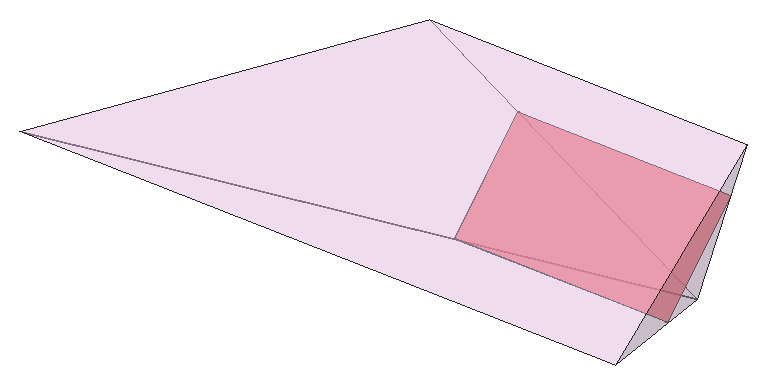
Revit family "Camera-Security-Panasonic-Super_Dynamic_FullHD-Weather_Resistant-PTZ-Dome-Network-SW598ASeries", category Security Devices, host Face, Revit 2013
Parameters (values of type "Camera-Security-Panasonic-ViewVolumePTYZ")
  z Yaw Actual [instance] = if(Yaw < 0.00°, 360.00° - (abs(Yaw) - rounddown(abs(Yaw) / 360.00°) * 360.00°), Yaw - rounddown(Yaw / 360.00°) * 360.00°)  # 0.00°
  z Void Width [instance] = if(z Screen Width > z Screen Height, z Screen Width, z Screen Height) + abs(Viewpoint Origin Horizontal Offset) + z Void Thickness * 2  # 52447.005 mm
  z Void Thickness [instance] = z Screen Depth * 2 + abs(Base Height Offset)  # 20450 mm
  z Void Height Start [instance] = -z Void Width / 2  # -26223.503 mm
  z Void Height End [instance] = z Void Width / 2  # 26223.503 mm
  z Void Direction [instance] = if((if(On Wall, 1, 0) + if(On Floor, 1, 0) + if(On Ceiling, 1, 0)) = 1, if(On Ceiling, 0, if(On Wall, 1, 2)), On Default Mount Type)  # 0
  z Viewpoint Depth [instance] = if(Viewpoint Depth < 1 mm, 1 mm, Viewpoint Depth)  # 150 mm
  z Tilt Actual [instance] = if(Tilt < 0.00°, 360.00° - (abs(Tilt) - rounddown(abs(Tilt) / 360.00°) * 360.00°), Tilt - rounddown(Tilt / 360.00°) * 360.00°)  # 45.00°
  z Target Visible [instance] = not(Screen Depth < Target Depth)  # yes
  z Target Thickness Start = -z Target Thickness / 2  # -1 mm
  z Target Thickness End = z Target Thickness / 2  # 1 mm
  z Target Depth [instance] = Target Depth + Viewpoint Depth  # 2150 mm
  z Pan Actual [instance] = if(Pan < 0.00°, 360.00° - (abs(Pan) - rounddown(abs(Pan) / 360.00°) * 360.00°), Pan - rounddown(Pan / 360.00°) * 360.00°)  # 0.00°
  z Floor Distance [instance] = if(z Void Direction = 2, if(Floor Distance < 0 mm, 0 mm, Floor Distance), if(Floor Distance < 10 mm, 10 mm, Floor Distance))  # 3000 mm
  z Const Yaw Base2 Length = 440 mm  # constant formula
  z Const Tilt Base2 Length = 500 mm  # constant formula
  z Ceiling Distance [instance] = if(z Void Direction = 2, if(Ceiling Distance < 10 mm, 10 mm, Ceiling Distance), if(Ceiling Distance < 0 mm, 0 mm, Ceiling Distance))  # 0 mm
  z Const Void Handle Length = 600 mm  # constant formula
  z Void Angle [instance] = if(z Void Direction = 0, 0.00° + Base Angle Offset, if(z Void Direction = 1, 90.00° + Base Angle Offset, 180.00° + Base Angle Offset))  # 0.00°
  z Screen Depth [instance] = if(Screen Depth < 100 mm, 100 mm + Viewpoint Depth, Screen Depth + Viewpoint Depth)  # 10150 mm
  Original Creation Date = "September, 15, 2016"  # constant formula
  On Default Mount Type [instance] = 0
  Manufacturer = "Panasonic"  # constant formula
  Family Version = "1.0.1"  # constant formula
  Date Last Modified = "February, 15, 2017"  # constant formula
  Copyright = "Copyright © Panasonic"  # constant formula
  Base Height Offset [instance] = 150 mm
  Base Angle Offset [instance] = 0.00°
  z Viewpoint Width = 1 mm  # constant formula
  z Viewpoint Height = 1 mm  # constant formula
  VFOV [instance] = 33.75°
  z Target Width [instance] = Target Depth * tan(HFOV / 2) * 2  # 2309.401 mm
  z Target Thickness = 2 mm  # constant formula
  z Target Height [instance] = Target Depth * tan(VFOV / 2) * 2  # 1213.387 mm
  Target Depth [instance] = 2000 mm
  z Screen Width [instance] = (z Screen Depth - Viewpoint Depth) * tan(HFOV / 2) * 2  # 11547.005 mm
  z Screen Height [instance] = (z Screen Depth - Viewpoint Depth) * tan(VFOV / 2) * 2  # 6066.934 mm
  Screen Depth [instance] = 10000 mm
  z Const Yaw Handle Length = 235 mm  # constant formula
  z Const Yaw Base Length = 260 mm  # constant formula
  Viewpoint Depth [instance] = 150 mm
  Viewpoint Origin Horizontal Offset [instance] = 0 mm
  z Const Tilt Handle Length = 360 mm  # constant formula
  z Const Tilt Base Length = 250 mm  # constant formula
  z Const Pan Handle Length = 500 mm  # constant formula
  z Const Pan Axis Length = 400 mm  # constant formula
  On Wall [instance] = no
  On Floor [instance] = no
  On Ceiling [instance] = yes
  HFOV [instance] = 60.00°
  Yaw [instance] = 0.00°
  Tilt [instance] = 45.00°
  Pan [instance] = 0.00°
  Floor Distance [instance] = 3000 mm
  Ceiling Distance [instance] = 0 mm
Reference planes
  plane 1 "Center (Front/Back)": y = 0
  plane 2: z = 0
  plane 3 "Center (Left/Right)": x = 0
  plane 4 "VoidOffsetBase": z = -150
Forms (mm)
  Extrusion 1, void
    sketch origin (0, 0, -150) x (0, 0, 1) y (0, -1, 0)
      loop
        line (23450, 26223.503) -> (3000, 26223.503) -> (3000, -26223.503) -> (23450, -26223.503) -> (23450, 26223.503)
      loop
        line (0, 26223.503) -> (-20450, 26223.503) -> (-20450, -26223.503) -> (0, -26223.503) -> (0, 26223.503)
    from -26223.503 <- "z Void Height Start" to 26223.503 <- "z Void Height End"
  Blend 2, solid, material "Panasonic - ViewVolume"
    base sketch origin (0, -106.066, 106.066) x (0, 0.707107, 0.707107) y (-1, 0, 0)
      loop
        line (-0.5, -0.5) -> (0.5, -0.5) -> (0.5, 0.5) -> (-0.5, 0.5) -> (-0.5, -0.5)
    top sketch origin (0, -7177.134, 7177.134) x (0, 0.707107, 0.707107) y (-1, 0, 0)
      loop
        line (-3033.467, -5773.503) -> (3033.467, -5773.503) -> (3033.467, 5773.503) -> (-3033.467, 5773.503) -> (-3033.467, -5773.503)
    from 0 to 0
  Extrusion 3, solid, material "Panasonic - Target", visible <- "z Target Visible"
    sketch origin (0, -1520.28, 1520.28) x (0, 0.707107, 0.707107) y (-1, 0, 0)
      loop
        line (-606.693, -1154.701) -> (606.693, -1154.701) -> (606.693, 1154.701) -> (-606.693, 1154.701) -> (-606.693, -1154.701)
    from -1 <- "z Target Thickness Start" to 1 <- "z Target Thickness End"
Cuts and joins
  Extrusion 1 cuts Blend 2
  Extrusion 1 cuts Extrusion 3
Lines and regions (mm)
  reference lines
    curve 1: line (0, 0, 0) -> (500, 0, 0)
    curve 2: line (0, 0, -400) -> (0, 0, 0)
    curve 3: line (0, 0, 0) -> (0, -250, 0)
    curve 4: line (0, 0, 0) -> (0, 0, 500)
    curve 5: line (0, -254.558, 254.558) -> (0, 0, 0)
    curve 6: line (0, 0, 0) -> (0, 183.848, 183.848)
    curve 7: line (0, 0, 0) -> (-440, 0, 0)
    curve 8: line (0, 0, 0) -> (-235, 0, 0)
    curve 9: line (0, -106.066, 106.066) -> (0, 0, 0)
    curve 10: line (0, 0, 0) -> (0, -1520.28, 1520.28)
    curve 11: line (0, 0, 0) -> (0, -7177.134, 7177.134)
    curve 12: line (-0.5, -105.712, 106.42) -> (0.5, -105.712, 106.42)
    curve 13: line (-0.5, -106.42, 105.712) -> (0.5, -106.42, 105.712)
    curve 14: line (-0.5, -105.712, 106.42) -> (-0.5, -106.42, 105.712)
    curve 15: line (0.5, -105.712, 106.42) -> (0.5, -106.42, 105.712)
    curve 16: line (-1154.701, -1091.283, 1949.277) -> (1154.701, -1091.283, 1949.277)
    curve 17: line (-1154.701, -1949.277, 1091.283) -> (1154.701, -1949.277, 1091.283)
    curve 18: line (-1154.701, -1091.283, 1949.277) -> (-1154.701, -1949.277, 1091.283)
    curve 19: line (1154.701, -1091.283, 1949.277) -> (1154.701, -1949.277, 1091.283)
    curve 20: line (-5773.503, -5032.149, 9322.119) -> (-5773.503, -9322.119, 5032.149)
    curve 21: line (5773.503, -5032.149, 9322.119) -> (5773.503, -9322.119, 5032.149)
    curve 22: line (-5773.503, -5032.149, 9322.119) -> (5773.503, -5032.149, 9322.119)
    curve 23: line (-5773.503, -9322.119, 5032.149) -> (5773.503, -9322.119, 5032.149)
    curve 24: line (0, 0, -150) -> (0, 0, 450)
    curve 25: line (0, -26223.503, 23300) -> (0, 26223.503, 23300)
    curve 26: line (0, -26223.503, 2850) -> (0, -26223.503, 23300)
    curve 27: line (0, 26223.503, 2850) -> (0, -26223.503, 2850)
    curve 28: line (0, 26223.503, 23300) -> (0, 26223.503, 2850)
    curve 29: line (0, -26223.503, -150) -> (0, 26223.503, -150)
    curve 30: line (0, -26223.503, -20600) -> (0, -26223.503, -150)
    curve 31: line (0, 26223.503, -20600) -> (0, -26223.503, -20600)
    curve 32: line (0, 26223.503, -150) -> (0, 26223.503, -20600)
Dimensions and locks
  "z Const Pan Handle Length": curve 1 to curve 1
  "z Const Pan Axis Length": curve 2 to curve 2
  "z Const Tilt Base Length": curve 3 to curve 3
  "z Const Pan Axis Length": curve 1 to curve 2
  "Viewpoint Origin Horizontal Offset": curve 4 to curve 2
  "z Const Tilt Base2 Length": curve 4 to curve 4
  "z Const Tilt Handle Length": curve 5 to curve 5
  "z Const Yaw Base Length": curve 6 to curve 6
  "z Const Yaw Base2 Length": curve 7 to curve 7
  "z Const Yaw Handle Length": curve 8 to curve 8
  "z Viewpoint Depth": curve 9 to curve 9
  "z Target Depth": curve 10 to curve 10
  "z Screen Depth": curve 11 to curve 11
  equal spacing: curve 13, curve 9, curve 12
  "z Viewpoint Height": curve 13 to curve 12
  equal spacing: curve 14, curve 9, curve 15
  "z Viewpoint Width": curve 14 to curve 15
  equal spacing: curve 17, curve 10, curve 16
  "z Target Height": curve 17 to curve 16
  equal spacing: curve 18, curve 10, curve 19
  "z Target Width": curve 18 to curve 19
  equal spacing: curve 20, curve 11, curve 21
  "z Screen Width": curve 20 to curve 21
  equal spacing: curve 23, curve 11, curve 22
  "z Screen Height": curve 23 to curve 22
  "z Const Void Handle Length": curve 24 to curve 24
  equal spacing: curve 26, curve 24, curve 28
  "z Void Width": curve 26 to curve 28
  "z Floor Distance": curve 27 to curve 24
  "z Ceiling Distance": curve 29 to curve 24
  "z Void Thickness": curve 31 to curve 29
  "z Void Thickness": curve 25 to curve 27
  "Base Height Offset": level to plane 4 "VoidOffsetBase"
  locked: curve 3 to curve 2 (angle 90.00°)
  locked: curve 3 to curve 4 (angle 90.00°)
  "z Tilt Actual": angle curve 4 to curve 5
  locked: curve 6 to curve 7 (angle 90.00°)
  locked: curve 6 to curve 5 (angle 90.00°)
  locked: curve 9 to curve 5 (angle 0.00°)
  locked: curve 10 to curve 5 (angle 0.00°)
  locked: curve 11 to curve 5 (angle 0.00°)
  "z Void Angle": angle plane 1 "Center (Front/Back)" to curve 24
  "z Yaw Actual": angle curve 7 to curve 8
  "z Pan Actual": angle plane 1 "Center (Front/Back)" to curve 1
  aligned and locked: level to plane 2
  aligned and locked: curve 2 to curve 1
  aligned and locked: curve 2 to curve 3
  aligned and locked: curve 3 to curve 2
  aligned and locked: curve 3 to curve 5
  aligned and locked: curve 6 to curve 7
  aligned and locked: curve 6 to curve 8
  aligned and locked: curve 8 to curve 7
  aligned and locked: curve 7 to curve 6
  aligned and locked: curve 5 to curve 11
  aligned and locked: curve 11 to curve 8
  aligned and locked: curve 12 to curve 15
  aligned and locked: curve 15 to curve 15
  aligned and locked: curve 14 to curve 14
  aligned and locked: curve 13 to curve 15
  aligned and locked: curve 16 to curve 19
  aligned and locked: curve 18 to curve 18
  aligned and locked: curve 17 to curve 19
  aligned and locked: curve 22 to curve 22
  aligned and locked: curve 21 to curve 23
  aligned and locked: curve 20 to curve 23
  aligned and locked: curve 23 to curve 23
  aligned and locked: plane 1 "Center (Front/Back)" to curve 24
  aligned and locked: curve 30 to curve 26
  aligned and locked: curve 28 to curve 32
  aligned and locked: Extrusion 1 sketch curve to curve 25
  aligned and locked: Extrusion 1 sketch curve to curve 26
  aligned and locked: Extrusion 1 sketch curve to curve 27
  aligned and locked: Extrusion 1 sketch curve to curve 28
  aligned and locked: Extrusion 1 sketch curve to curve 29
  aligned and locked: Extrusion 1 sketch curve to curve 30
  aligned and locked: Extrusion 1 sketch curve to curve 31
  aligned and locked: Extrusion 1 sketch curve to curve 32
  aligned and locked: Extrusion 1 sketch curve to Extrusion 1 sketch curve  (x8)
  aligned and locked: Blend 2 sketch curve to curve 15
  aligned and locked: Blend 2 sketch curve to curve 13
  aligned and locked: Blend 2 sketch curve to curve 14
  aligned and locked: Blend 2 sketch curve to curve 12
  aligned and locked: Blend 2 sketch curve to Blend 2 sketch curve  (x8)
  aligned and locked: Blend 2 sketch curve to curve 21
  aligned and locked: Blend 2 sketch curve to curve 23
  aligned and locked: Blend 2 sketch curve to curve 20
  aligned and locked: Blend 2 sketch curve to curve 22
  aligned and locked: Extrusion 3 sketch curve to curve 19
  aligned and locked: Extrusion 3 sketch curve to curve 17
  aligned and locked: Extrusion 3 sketch curve to curve 18
  aligned and locked: Extrusion 3 sketch curve to curve 16
  aligned and locked: Extrusion 3 sketch curve to Extrusion 3 sketch curve  (x4)
  aligned and locked: plane 3 "Center (Left/Right)" to curve 1
  aligned and locked: plane 1 "Center (Front/Back)" to curve 1
  aligned and locked: level to curve 2
  aligned and locked: plane 4 "VoidOffsetBase" to curve 24
Automatic sketch dimensions
  curve 6 to curve 5 = 0 mm
  curve 6 to curve 5 = 260 mm
